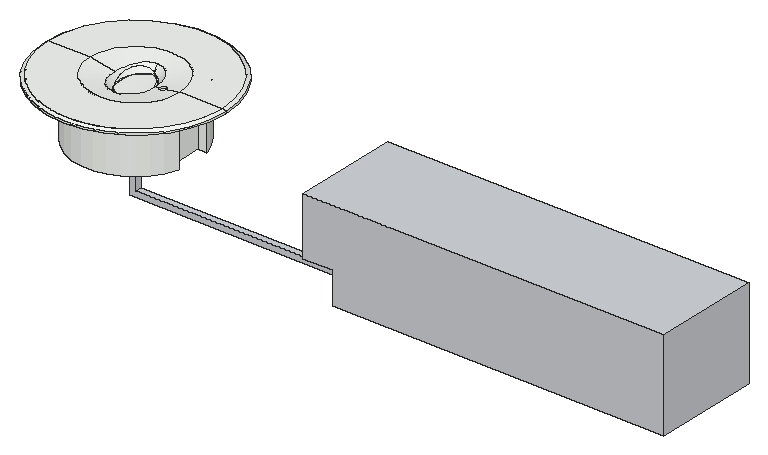
Revit family "Micropoint 2 Recessed", category Lighting Fixtures, host Face, Revit 2012
Parameters (values of type "MP2E3H")
  Weight = "0.45"
  Wattage Comments = "LED"
  Wattage = 1.5 W
  built-in parameter 1150110 = 1 (stored number, unit not read)
  Voltage = 230 V
  URL = "http://www.cooper-ls.com/products/emergency-lighting"
  built-in parameter 1114217 = 1 (stored number, unit not read)
  Tilt Angle = -90.00°
  built-in parameter 1150109 = 1 (stored number, unit not read)
  built-in parameter 1150134 = 3
  built-in parameter 1150113 = 1 (stored number, unit not read)
  Special Considerations 2 = "Can be supplied to operate with CBU/CEAG System"
  Special Considerations 1 = "Maintained luminaire can be operated in non maintained mode"
  Reference [instance] = "*"
  Power Factor = 0.7
  Photometric Web File = "MP2E3H.IES"
  Part No. = "MP2E3H"
  Model = "MICROPOINT 2"
  Manufacturer = "EATON"  # constant formula
  built-in parameter 1150105 = 109.82 (stored number, unit not read)
  Lumens = 108.75 lm
  built-in parameter 1150115 = 1 (stored number, unit not read)
  built-in parameter 1150137 = (empty or 0)
  built-in parameter 1150139 = (empty or 0)
  built-in parameter 1150112 = 1 (stored number, unit not read)
  Lamp Material = Eaton – (Lamp, Glass, Self Illuminating)
  built-in parameter 1150114 = 1 (stored number, unit not read)
  Lamp = "LED"
  LOR = 1
  built-in parameter 1150132 = (empty or 0)
  built-in parameter 1150102 = (empty or 0)
  built-in parameter 1150107 = 4000 (stored number, unit not read)
  built-in parameter 1150138 = (empty or 0)
  built-in parameter 1150106 = 1.0982 (stored number, unit not read)
  IP Rating = "IP44"
  Height = 63 mm
  Emergency = yes
  built-in parameter 1150104 = 6.7355 (stored number, unit not read)
  E = yes
  Dimming Lamp Color Temperature Shift = <None>
  Diameter = 90 mm
  Description = "Micropoint 2 Flush mounted self contained/slave 2W LED Escape Route emergency luminaire. retained in ceiling with spring fixing requiring front access only. Battery and control gear mounted in remote pod with plug in connections"
  Default Elevation = 0 mm
  Cutout Diameter = 64 mm
  Color Filter = 16777215
  Circuit Watts = 1.5 W
  Body Material = Eaton – (Body, Polycarbonate, RAL9016)
  built-in parameter 1114218 = 1 (stored number, unit not read)
  built-in parameter 1150133 = 10 (stored number, unit not read)
  Apparent Load = Circuit Watts / (Power Factor)  # 2.14286 VA
Types (2, lengths in mm): name | Photometric Web File | Part No. | Lumens | built-in parameter 1150104 | E | Description
  MP2O3H | "MP2O3H.IES" | "MP2O3H" | 72 lm | 4.4593 (stored number, unit not read) | no | "Micropoint 2 Flush mounted self contained/slave 2W LED open area emergency luminaire. retained in ceiling with spring fixing requiring front access only. Battery and control gear mounted in remote pod with plug in connections"
  MP2E3H | "MP2E3H.IES" | "MP2E3H" | 108.75 lm | 6.7355 (stored number, unit not read) | yes | "Micropoint 2 Flush mounted self contained/slave 2W LED Escape Route emergency luminaire. retained in ceiling with spring fixing requiring front access only. Battery and control gear mounted in remote pod with plug in connections"
Reference planes
  plane 1 "Center (Front/Back)": y = 0
  plane 2: z = 0
  plane 3 "Center (Left/Right)": x = 0
  plane 4: x = -45
  plane 5: x = 45
  plane 6: z = 1.8
  plane 7: z = -3
  plane 8: z = 4
  plane 9: y = 45
  plane 10: y = -45
Forms (mm)
  Revolve 1, void
    sketch origin (0, 0, 0) x (1, 0, 0) y (0, 0, 1)
      loop
        line (0, 1.8) -> (-22.5, 1.8) -> (0, -2) -> (0, 1.8)
      axis (0, 1.8) -> (0, -2)
    angle from 0 to 360
  Revolve 2, solid, material "Eaton – (Lamp, Glass, Self Illuminating)" <- "Lamp Material"
    sketch origin (-7.75, -4572, -3) x (0, -1, 0) y (1, 0, 0)
      loop
        line (-4561.55, 7.75) -> (-4582.45, 7.75)
        spline (-4582.45, 7.75) -> (-4582.119, 6.031) -> (-4581.13, 4.389) -> (-4579.501, 2.929) -> (-4577.329, 1.782) -> (-4574.765, 1.053) -> (-4572, 0.8) -> (-4569.235, 1.053) -> (-4566.671, 1.782) -> (-4564.499, 2.929) -> (-4562.87, 4.389) -> (-4561.881, 6.031) -> (-4561.55, 7.75)
      axis (-4582.45, 7.75) -> (-4561.55, 7.75)
    angle from 0 to -180
  Extrusion 3, void
    sketch origin (-642.68, -4572, 1.8) x (0, -1, 0) y (-1, 0, 0)
      loop
        circle (-4572, -656.68) r 1.75
    from 0 to 2
  Revolve 4, solid, material "Eaton – (Body, Polycarbonate, RAL9016)" <- "Body Material"
    sketch origin (0, 0, 0) x (1, 0, 0) y (0, 0, 1)
      loop
        line (-30, 0) -> (-30, -27) -> (0, -27) -> (0, 1.8) -> (-43.4, 1.8) -> (-45, 0.8) -> (-45, 0) -> (-30, 0)
      axis (0, 1.8) -> (0, -27)
    angle from 0 to 360
  Extrusion 5, void
    sketch origin (0, 0, 0) x (1, 0, 0) y (0, 1, 0)
      loop
        circle (0, 0) r 32
    from 0 to -30
  Blend 6, void
    base sketch origin (-642.68, -4572, 1.8) x (0, -1, 0) y (1, 0, 0)
      loop
        spline (-4560.75, 642.68) -> (-4561.133, 644.686) -> (-4562.257, 646.555) -> (-4564.045, 648.16) -> (-4566.375, 649.392) -> (-4569.088, 650.166) -> (-4572, 650.43) -> (-4574.912, 650.166) -> (-4577.625, 649.392) -> (-4579.955, 648.16) -> (-4581.743, 646.555) -> (-4582.867, 644.686) -> (-4583.25, 642.68)
        spline (-4583.25, 642.68) -> (-4582.867, 640.674) -> (-4581.743, 638.805) -> (-4579.955, 637.2) -> (-4577.625, 635.968) -> (-4574.912, 635.194) -> (-4572, 634.93) -> (-4569.088, 635.194) -> (-4566.375, 635.968) -> (-4564.045, 637.2) -> (-4562.257, 638.805) -> (-4561.133, 640.674) -> (-4560.75, 642.68)
    top sketch origin (-642.68, -4572, 1.8) x (0, -1, 0) y (1, 0, 0)
      loop
        spline (-4587.25, 642.68) -> (-4586.595, 639.224) -> (-4584.808, 636.236) -> (-4582.224, 633.906) -> (-4579.103, 632.252) -> (-4575.637, 631.261) -> (-4572, 630.93) -> (-4568.363, 631.261) -> (-4564.897, 632.252) -> (-4561.776, 633.906) -> (-4559.192, 636.236) -> (-4557.405, 639.224) -> (-4556.75, 642.68)
        spline (-4556.75, 642.68) -> (-4557.405, 646.136) -> (-4559.192, 649.124) -> (-4561.776, 651.454) -> (-4564.897, 653.109) -> (-4568.363, 654.1) -> (-4572, 654.43) -> (-4575.637, 654.1) -> (-4579.103, 653.109) -> (-4582.224, 651.454) -> (-4584.808, 649.124) -> (-4586.595, 646.136) -> (-4587.25, 642.68)
    from -4.8 to 0
  Extrusion 7, void
    sketch origin (0, 0, 0) x (1, 0, 0) y (0, 1, 0)
      loop
        line (-24, -9) -> (-24, 9) -> (-45, 9) -> (-45, -9) -> (-24, -9)
      loop
        line (24, -9) -> (45, -9) -> (45, 9) -> (24, 9) -> (24, -9)
    from 0 to -27
  Extrusion 8, solid
    sketch origin (0, 0, 0) x (1, 0, 0) y (0, 0, 1)
      loop
        line (116.5, -52) -> (116.5, -32) -> (113.5, -32) -> (113.5, -49) -> (1.5, -49) -> (1.5, -27) -> (-1.5, -27) -> (-1.5, -52) -> (116.5, -52)
    from -1.5 to 1.5
  Extrusion 9, solid
    sketch origin (0, 0, 0) x (1, 0, 0) y (0, 0, 1)
      loop
        line (285, -3) -> (105, -3) -> (105, -32) -> (120, -32) -> (120, -48) -> (285, -48) -> (285, -3)
    from -26.5 to 26.5
Cuts and joins
  Revolve 1, Extrusion 3, Blend 6, Extrusion 7 cuts Revolve 4
Dimensions and locks
  equal spacing: plane 4, plane 3 "Center (Left/Right)", plane 5
  locked: plane 4 to plane 5 at 90
  locked: plane 6 to host face at 1.8
  locked: plane 6 to plane 7 at 4.8
  locked: plane 8 to plane 7 at 7
  equal spacing: plane 10, plane 1 "Center (Front/Back)", plane 9
  "Diameter": plane 10 to plane 9
  aligned and locked: plane 2 to host face
  aligned and locked: level to host face
  aligned and locked: Revolve 1 sketch curve to plane 3 "Center (Left/Right)"
  aligned and locked: Revolve 2 sketch curve to plane 3 "Center (Left/Right)"
  aligned and locked: Revolve 4 sketch curve to plane 6
  aligned and locked: Revolve 4 sketch curve to plane 3 "Center (Left/Right)"  (x2)
  aligned and locked: Extrusion 7 sketch curve to plane 4
  aligned and locked: cut or joined group of Revolve 1, Extrusion 3, Revolve 4, Blend 6, Extrusion 7 to Extrusion 8 sketch curve
  aligned and locked: imposter light to plane 8
  aligned and locked: plane 1 "Center (Front/Back)" to nested 3
  aligned and locked: plane 3 "Center (Left/Right)" to nested 3
  aligned and locked: nested 2 to plane 5
  aligned and locked: nested 2 to plane 9
  aligned and locked: nested 1 to plane 9
  aligned and locked: nested 1 to plane 5
Automatic sketch dimensions
  host sketch curve to host sketch curve = 2438.4 mm  (x2)
  plane 1 "Center (Front/Back)" to Extrusion 5 sketch curve = 0 mm
  Extrusion 5 sketch curve to plane 3 "Center (Left/Right)" = 0 mm
  Extrusion 7 sketch curve to plane 5 = 0 mm
  Extrusion 7 sketch curve to plane 1 "Center (Front/Back)" = 9 mm  (x2)
  Extrusion 7 sketch curve to Extrusion 7 sketch curve = 21 mm  (x2)
  plane 1 "Center (Front/Back)" to Extrusion 7 sketch curve = 9 mm  (x2)
  Revolve 1 sketch curve to plane 6 = 0 mm
  Revolve 1 sketch curve to plane 3 "Center (Left/Right)" = 0 mm
  Revolve 1 sketch curve to Revolve 1 sketch curve = 22.5 mm
  Revolve 1 sketch curve to plane 7 = 1 mm
  plane 7 to Revolve 1 sketch curve = 606.6 mm
  Revolve 1 sketch curve to plane 8 = 2555.058 mm
  Revolve 2 sketch curve to plane 3 "Center (Left/Right)" = 0 mm
  plane 9 to Revolve 2 sketch curve = 1479 mm
  Revolve 2 sketch curve to plane 1 "Center (Front/Back)" = 10.45 mm
  plane 1 "Center (Front/Back)" to Revolve 2 sketch curve = 10.45 mm
  plane 10 to Revolve 2 sketch curve = 1479 mm
  plane 1 "Center (Front/Back)" to Extrusion 3 sketch curve = 0 mm
  plane 3 "Center (Left/Right)" to Extrusion 3 sketch curve = 14 mm
  Revolve 4 sketch curve to level = 0 mm
  Revolve 4 sketch curve to plane 4 = 0 mm
  plane 4 to Revolve 4 sketch curve = 1.6 mm
  Revolve 4 sketch curve to Revolve 4 sketch curve = 13.4 mm
  plane 7 to Revolve 4 sketch curve = 24 mm
  Revolve 4 sketch curve to Revolve 4 sketch curve = 582.6 mm
  level to Revolve 4 sketch curve = 0.8 mm
  Revolve 4 sketch curve to plane 8 = 2603.258 mm
  plane 1 "Center (Front/Back)" to Blend 6 sketch curve = 0 mm
  Blend 6 sketch curve to plane 3 "Center (Left/Right)" = 0 mm  (x2)
  Blend 6 sketch curve to Blend 6 sketch curve = 11.25 mm
  Blend 6 sketch curve to plane 1 "Center (Front/Back)" = 15.25 mm
  plane 1 "Center (Front/Back)" to Blend 6 sketch curve = 15.25 mm
  Extrusion 8 sketch curve to plane 3 "Center (Left/Right)" = 1.5 mm
  plane 3 "Center (Left/Right)" to Extrusion 8 sketch curve = 1.5 mm
  Extrusion 8 sketch curve to plane 5 = 68.5 mm
  Extrusion 8 sketch curve to Extrusion 8 sketch curve = 3 mm  (x2)
  plane 7 to Extrusion 8 sketch curve = 29 mm
  Extrusion 8 sketch curve to Extrusion 8 sketch curve = 22 mm
  Extrusion 9 sketch curve to plane 7 = 0 mm
  Extrusion 9 sketch curve to plane 5 = 60 mm
  Extrusion 9 sketch curve to Extrusion 9 sketch curve = 15 mm
  plane 7 to Extrusion 9 sketch curve = 45 mm
  Extrusion 9 sketch curve to Extrusion 9 sketch curve = 165 mm
  Extrusion 9 sketch curve to Extrusion 9 sketch curve = 16 mm
  radius of Extrusion 5 sketch curve = 32 mm
  radius of Extrusion 3 sketch curve = 1.75 mm
Nested families
  nested 1: "Reference" at (45, 45, 0), type "Reference"
  nested 2: "Emergency" at (45, 45, 0), visible <- "Emergency", type "Emergency"
  nested 3: "Symbol" at (0, 0, 0), type "Symbol"
Connectors
  electrical at (0, -5.143, -27), driven by "Voltage", driven by "Apparent Load", driven by "Power Factor"
    settings: on cut or joined group of Revolve 1, Extrusion 3, Revolve 4, Blend 6, Extrusion 7, index 1, voltage 230 V, apparent load 0 VA, apparent load phase1 2.14286 VA, apparent load phase2 0 VA, apparent load phase3 0 VA, power factor 0.7, load classification "Lighting", number of poles 1, system type 31, power factor state 1, is connector primary yes, connector utility no, sub classification motor no, connector description ""
Definition of nested family "Reference"
  Parameters (values of type "Reference")
    Reference = "*"
  Reference planes
    plane 1: y = 0
    plane 2: x = 0
  Text (mm)
    label "TEKST" at (2.963, -2.058, 0), shows "Reference"
Definition of nested family "Emergency"
  Parameters (values of type "Emergency")
    Emergency = "E"
  Reference planes
    plane 1: y = 0
    plane 2: x = 0
  Text (mm)
    label "E" at (0.04, -2.058, 0), shows "Emergency"
Definition of nested family "Symbol"
  Parameters (values of type "Symbol")
    E = yes
  Reference planes
    plane 1 "Center (Front/Back)": y = 0
    plane 2: z = 0
    plane 3 "Center (Left/Right)": x = 0
  Lines and regions (mm)
    detail lines, in view "Ref. Level"
      curve 1: circle (0, 0, 0) r 45 normal (0, 0, 1)
    detail lines, in view "Ref. Level", visible <- "E"
      curve 2: line (0, -90, 0) -> (0, 90, 0)
      curve 3: line (0, 90, 0) -> (-24.749, 65.251, 0)
      curve 4: line (0, 90, 0) -> (24.749, 65.251, 0)
      curve 5: line (0, -90, 0) -> (-24.749, -65.251, 0)
      curve 6: line (0, -90, 0) -> (24.749, -65.251, 0)
